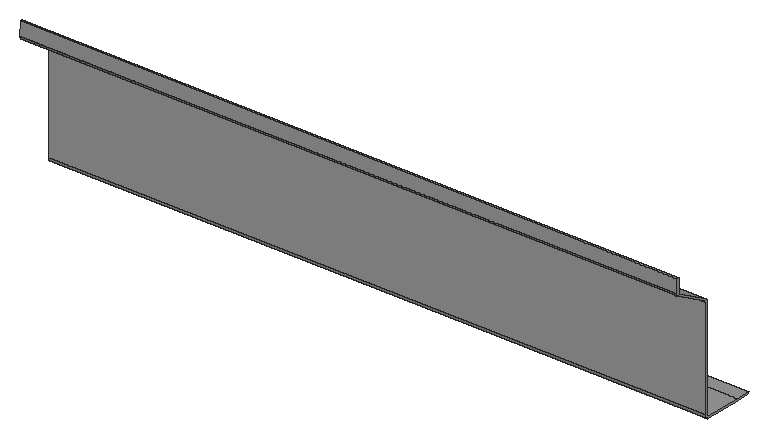
Revit family "TK 70", category Generic Models, Revit 2014
Parameters (values of type "Max lintel length 4800mm")
  URL = "http://www.keystonelintels.co.uk"
  Structural Opening [instance] = 900 mm
  Structural Performance = "The Keystone lintel range has safe working loads as detailed in each applicable loading table in the Keystone Lintel Guide brochure. The structural performance figures within each table have been ascertained by testing in accordance with the requirements of standards BS EN 5977-2: 1983 and BS EN 845-2: 2003."
  RIBA Productor Selector = "available for Keystone Lintels Ltd from Keystone Lintels Ltd from ribaproductselector.com"
  Model = "T/K 70"
  Min Length = 600 mm
  Min Clear Span = 300 mm
  Max Length = 4800 mm
  Max Clear Span = 4800 mm
  Material - Stainless Steel = "Grade 304 2b 1.4307 to BS EN 10088-2. Other grades available on request: contact manufacturer."
  Material - Galvanised Steel = "To BS EN 10346: 2009. DX51D plus Z600 or grade Z275 to BS 5977-2: 1983 (BS EN 845-2: 2003)."
  Manufacturer = "Keystone"
  Manufactured Length [instance] = (roundup(Effective Length / 150 mm) * 150 mm)  # 1200 mm
  Lintel height [instance] = 2100 mm
  Keynote = "F30/755"
  Fire Performance = "Keystone lintels have been subjected to a fire test (WARRES No. 101263) in accordance with BS 476-20: 1987, at Exova Warrington Fire and achieved a one hour fire performance."
  End Bearing = 150 mm
  Effective Length [instance] = Clear Opening with MIN MAX set + End Bearing * 2  # 1200 mm
  Corrosion = "Keystone’s standard range of lintels are manufactured from high quality grade pre-galvanized carbon steel with a zinc coating of 600"
  Contact Tel = "+44 (0)28 8676 2184"
  Contact Email = "info@keystonelintels.co.uk"
  Clear Opening with MIN MAX set [instance] = if(Structural Opening < Min Clear Span, Min Clear Span, (if(Structural Opening > Max Clear Span, Max Clear Span, Structural Opening)))  # 900 mm
  CPD Information = "Available for Keystone Lintels Ltd from ribacpd.com"
Reference planes
  plane 1 "Center (Front/Back)": y = 0
  plane 2: z = 0
  plane 3 "Center (Left/Right)": x = 0
  plane 4: x = -600
  plane 5: x = 600
  plane 6: z = 2100
  plane 7: x = -450
  plane 8: x = 450
Forms (mm)
  Extrusion 1, solid, material "Steel"
    sketch origin (0, 716.39, -447.24) x (0, 1, 0) y (0, 0, 1)
      loop
        line (-618.299, 2546.388) -> (-618.19, 2549.586) -> (-643.19, 2550.44) -> (-708.19, 2550.44)
        arc (-708.19, 2550.44) -> (-711.725, 2551.904) -> (-713.19, 2555.44) r 5
        line (-713.19, 2555.44) -> (-713.19, 2740.647)
        arc (-713.19, 2740.647) -> (-713.885, 2743.245) -> (-715.787, 2745.148) r 5.2
        line (-715.787, 2745.148) -> (-776.991, 2780.532)
        arc (-776.991, 2780.532) -> (-777.722, 2781.264) -> (-777.99, 2782.264) r 2
        line (-777.99, 2782.264) -> (-777.99, 2807.24) -> (-781.19, 2807.24) -> (-781.194, 2782.286)
        arc (-781.194, 2782.286) -> (-780.497, 2779.681) -> (-778.59, 2777.774) r 5.207
        line (-778.59, 2777.774) -> (-717.359, 2742.361)
        arc (-717.359, 2742.361) -> (-716.649, 2741.632) -> (-716.39, 2740.647) r 2
        line (-716.39, 2740.647) -> (-716.39, 2555.44)
        arc (-716.39, 2555.44) -> (-713.988, 2549.641) -> (-708.19, 2547.24) r 8.2
        line (-708.19, 2547.24) -> (-643.244, 2547.24) -> (-618.299, 2546.388)
    from -600 to 600
  Extrusion 2, solid, not visible
    sketch origin (0, 911.968, 1236.685) x (0, 1, 0) y (0, 0, 1)
      loop
        line (-618.299, 946.388) -> (-618.19, 949.586) -> (-643.19, 950.44) -> (-708.19, 950.44)
        arc (-708.19, 950.44) -> (-711.725, 951.904) -> (-713.19, 955.44) r 5
        line (-713.19, 955.44) -> (-713.19, 1140.647)
        arc (-713.19, 1140.647) -> (-713.885, 1143.245) -> (-715.787, 1145.148) r 5.2
        line (-715.787, 1145.148) -> (-776.991, 1180.532)
        arc (-776.991, 1180.532) -> (-777.722, 1181.264) -> (-777.99, 1182.264) r 2
        line (-777.99, 1182.264) -> (-777.99, 1207.24) -> (-781.19, 1207.24) -> (-781.194, 1182.285)
        arc (-781.194, 1182.285) -> (-780.497, 1179.681) -> (-778.59, 1177.774) r 5.207
        line (-778.59, 1177.774) -> (-717.359, 1142.361)
        arc (-717.359, 1142.361) -> (-716.649, 1141.632) -> (-716.39, 1140.647) r 2
        line (-716.39, 1140.647) -> (-716.39, 955.44)
        arc (-716.39, 955.44) -> (-713.988, 949.641) -> (-708.19, 947.24) r 8.2
        line (-708.19, 947.24) -> (-643.244, 947.24) -> (-618.299, 946.388)
    from 0 to 250
Dimensions and locks
  equal spacing: plane 4, plane 3 "Center (Left/Right)", plane 5
  "Manufactured Length": plane 4 to plane 5
  "Lintel height": plane 6 to level
  "Structural Opening": plane 7 to plane 8
  equal spacing: plane 7, plane 3 "Center (Left/Right)", plane 8
  aligned and locked: level to plane 2
  aligned and locked: Extrusion 1 to plane 6
  aligned and locked: plane 5 to Extrusion 1
  aligned and locked: Extrusion 1 to plane 4
Automatic sketch dimensions
  Extrusion 1 sketch curve to Extrusion 1 sketch curve = 24.945 mm
  Extrusion 1 sketch curve to Extrusion 1 sketch curve = 0.109 mm
  Extrusion 1 sketch curve to Extrusion 1 sketch curve = 0.852 mm
  Extrusion 1 sketch curve to Extrusion 1 sketch curve = 0.055 mm
  Extrusion 1 sketch curve to Extrusion 1 sketch curve = 64.945 mm
  Extrusion 1 sketch curve to Extrusion 1 sketch curve = 0 mm  (x6)
  Extrusion 1 sketch curve to Extrusion 1 sketch curve = 5 mm
  Extrusion 1 sketch curve to Extrusion 1 sketch curve = 185.207 mm
  Extrusion 1 sketch curve to Extrusion 1 sketch curve = 2 mm
  Extrusion 1 sketch curve to Extrusion 1 sketch curve = 0.97 mm
  Extrusion 1 sketch curve to Extrusion 1 sketch curve = 1.573 mm
  Extrusion 1 sketch curve to Extrusion 1 sketch curve = 61.204 mm
  Extrusion 1 sketch curve to Extrusion 1 sketch curve = 35.384 mm
  Extrusion 1 sketch curve to Extrusion 1 sketch curve = 1.599 mm
  Extrusion 1 sketch curve to Extrusion 1 sketch curve = 2.758 mm
  Extrusion 1 sketch curve to Extrusion 1 sketch curve = 1.004 mm
  Extrusion 1 sketch curve to Extrusion 1 sketch curve = 1.752 mm
  Extrusion 1 sketch curve to Extrusion 1 sketch curve = 0.003 mm
  Extrusion 1 sketch curve to Extrusion 1 sketch curve = 0.021 mm
  Extrusion 1 sketch curve to Extrusion 1 sketch curve = 24.976 mm
  Extrusion 1 sketch curve to Extrusion 1 sketch curve = 3.2 mm
  Extrusion 1 sketch curve to Extrusion 1 sketch curve = 0.005 mm
  Extrusion 2 sketch curve to Extrusion 2 sketch curve = 24.945 mm
  Extrusion 2 sketch curve to Extrusion 2 sketch curve = 0.109 mm
  Extrusion 2 sketch curve to Extrusion 2 sketch curve = 0.852 mm
  Extrusion 2 sketch curve to Extrusion 2 sketch curve = 0.055 mm
  Extrusion 2 sketch curve to Extrusion 2 sketch curve = 64.945 mm
  Extrusion 2 sketch curve to Extrusion 2 sketch curve = 0 mm  (x6)
  Extrusion 2 sketch curve to Extrusion 2 sketch curve = 5 mm
  Extrusion 2 sketch curve to Extrusion 2 sketch curve = 185.207 mm
  Extrusion 2 sketch curve to Extrusion 2 sketch curve = 2 mm
  Extrusion 2 sketch curve to Extrusion 2 sketch curve = 0.97 mm
  Extrusion 2 sketch curve to Extrusion 2 sketch curve = 1.573 mm
  Extrusion 2 sketch curve to Extrusion 2 sketch curve = 61.204 mm
  Extrusion 2 sketch curve to Extrusion 2 sketch curve = 35.384 mm
  Extrusion 2 sketch curve to Extrusion 2 sketch curve = 1.599 mm
  Extrusion 2 sketch curve to Extrusion 2 sketch curve = 2.758 mm
  Extrusion 2 sketch curve to Extrusion 2 sketch curve = 1.004 mm
  Extrusion 2 sketch curve to Extrusion 2 sketch curve = 1.752 mm
  Extrusion 2 sketch curve to Extrusion 2 sketch curve = 0.003 mm
  Extrusion 2 sketch curve to Extrusion 2 sketch curve = 0.021 mm
  Extrusion 2 sketch curve to Extrusion 2 sketch curve = 24.976 mm
  Extrusion 2 sketch curve to Extrusion 2 sketch curve = 3.2 mm
  Extrusion 2 sketch curve to Extrusion 2 sketch curve = 0.005 mm
  Extrusion 1 sketch curve to plane 1 "Center (Front/Back)" = 0 mm
  Extrusion 1 sketch curve to plane 6 = 0 mm
